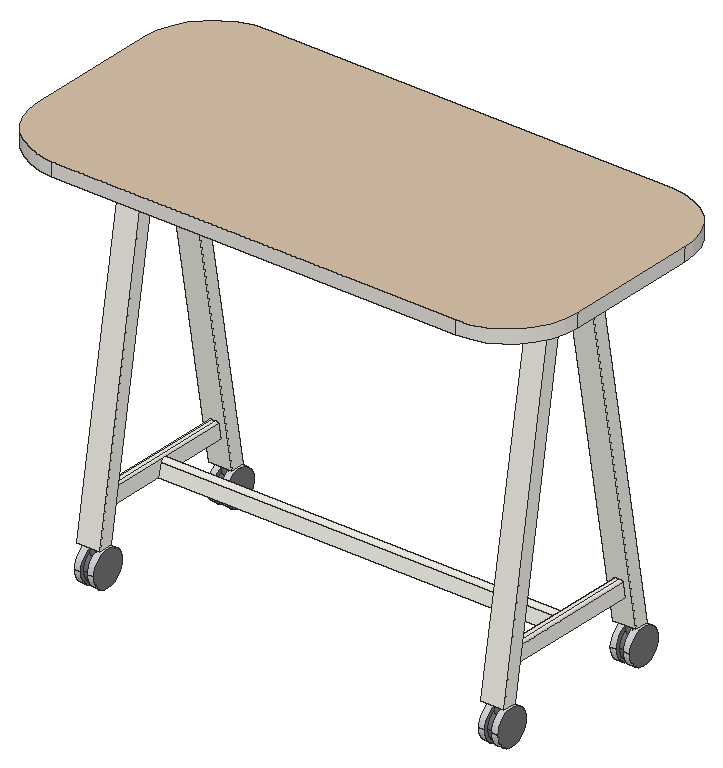
Revit family "Haworth_PopUp_Oval", category Furniture, Revit 2015
Parameters (values of type "36h 24d 48w")
  Warranty = "http://www.haworth.com/resources/product-info/warranties"
  URL - Product = "https://www.haworth.com/products/tables/collaborative/popup"
  Type Comments = ""
  Top Finish [instance] = Haworth _ Wood _ White Oak
  Table Finish [instance] = Haworth _ Wood _ White Oak
  Table Edge Finish [instance] = Haworth _ Laminate _ Linen H-WL
  Sustainability Info = "https://media.haworth.com/asset/112938/PopUp%20Table.pdf"
  Model = "TPRP"  # constant formula
  Leg Finish [instance] = Haworth _ Paint _ Metallic White
  Min/Max Height = "36, 41in."  # constant formula
  Glides = not(Casters)  # no
  Foot Rail Finish [instance] = Haworth _ Paint _ Metallic White
  Description = "Haworth PopUp - Oval Table - 36h 24d 48w - Casters"
  Width = 48"
  URL = "www.haworth.com"
  Table Thickness = 1 3/16"  # constant formula
  Support Offset = 6"  # constant formula
  Size = "Verify Final Dim. w/ Haworth"  # constant formula
  Revision Number = "1"  # constant formula
  Min/Max Width = "48, 54, 60, 66, 72 in."  # constant formula
  Min/Max Depth = "18, 24, 30in."  # constant formula
  Min. Width = 48"  # constant formula
  Max. Width = 72"  # constant formula
  Min. Depth = 18"  # constant formula
  Max. Depth = 30"  # constant formula
  Manufacturer = "Haworth"  # constant formula
  Leg Height = Actual Height - Table Thickness  # 34 13/16"
  Depth = 24"
  Custom Size = not(and(or(Depth = 18", Depth = 24", Depth = 30"), or(Width = 48", Width = 54", Width = 60", Width = 66", Width = 72")))  # no
  Corner Radius = 6"  # constant formula
  Casters = yes
  Caster Finish [instance] = Haworth _ Paint _ Metallic Gunmetal
  Author = "Haworth (Alias)"  # constant formula
  Assembly Code = "E2020200"
  Actual Width = if(Width < Min. Width, Min. Width, if(Width > Max. Width, Max. Width, Width))  # 48"
  Actual Height = if(Table 36h, 36", 41")  # 36"
  Actual Depth = if(Depth > Max. Depth, Max. Depth, if(Depth < Min. Depth, Min. Depth, Depth))  # 24"
  Table 41h = not(Table 36h)  # no
  Table 36h = yes
Reference planes (in)
  plane 1 "Center F/B": y = 3
  plane 2: z = 0
  plane 3 "Center L/R": x = -6
  plane 4 "Table Left": x = -30
  plane 5 "Table Right": x = 18
  plane 6 "Table Leg Left": x = -24
  plane 7 "Table Leg Right": x = 12
  plane 8 "Top": z = 36
  plane 9 "Table Thick": z = 34.8125
  plane 10 "Bottom Stand 3": z = 5.9375
  plane 11 "Top Stand 3": z = 7.4375
  plane 12 "Back": y = 15
  plane 13 "Front": y = -9
Forms (in)
  Extrusion 1, solid, material "Haworth _ Wood _ White Oak" <- "Table Finish"
    sketch origin (0, 0, 36) x (-1, 0, 0) y (0, -1, 0)
      loop
        arc (24, -15) -> (28.24264, -13.24264) -> (30, -9) r 6
        line (30, -9) -> (30, 3)
        arc (30, 3) -> (28.24264, 7.24264) -> (24, 9) r 6
        line (24, 9) -> (-12, 9)
        arc (-12, 9) -> (-16.24264, 7.24264) -> (-18, 3) r 6
        line (-18, 3) -> (-18, -9)
        arc (-18, -9) -> (-16.24264, -13.24264) -> (-12, -15) r 6
        line (-12, -15) -> (24, -15)
    from 0 to -1.1875
  Extrusion 2, solid, material "Haworth _ Paint _ Metallic White" <- "Foot Rail Finish"
    sketch origin (-6, 0, 0) x (0, 1, 0) y (0, 0, 1)
      loop
        line (2.325, 5.9375) -> (3.675, 5.9375) -> (3.38383, 7.02417)
        arc (3.38383, 7.02417) -> (3, 7.31869) -> (2.61617, 7.02417) r 0.39737
        line (2.61617, 7.02417) -> (2.325, 5.9375)
    from -18 to 18
Lines and regions (in)
  Masking region 1
    outline origin (0, 0, 36) x (-1, 0, 0) y (0, -1, 0)
      loop
        arc (24, -15) -> (28.24264, -13.24264) -> (30, -9) r 6
        line (30, -9) -> (30, 3)
        arc (30, 3) -> (28.24264, 7.24264) -> (24, 9) r 6
        line (24, 9) -> (-12, 9)
        arc (-12, 9) -> (-16.24264, 7.24264) -> (-18, 3) r 6
        line (-18, 3) -> (-18, -9)
        arc (-18, -9) -> (-16.24264, -13.24264) -> (-12, -15) r 6
        line (-12, -15) -> (24, -15)
Dimensions and locks (in)
  "Support Offset": plane 4 "Table Left" to plane 6 "Table Leg Left"
  "Support Offset": plane 7 "Table Leg Right" to plane 5 "Table Right"
  "Actual Width": plane 4 "Table Left" to plane 5 "Table Right"
  equal spacing: plane 4 "Table Left", plane 3 "Center L/R", plane 5 "Table Right"
  "Actual Height": plane 8 "Top" to level
  "Table Thickness": plane 8 "Top" to plane 9 "Table Thick"
  equal spacing: plane 13 "Front", plane 1 "Center F/B", plane 12 "Back"
  "Actual Depth": plane 13 "Front" to plane 12 "Back"
  "Corner Radius": radius of Masking region 1 sketch curve  (x4)
  "Corner Radius": radius of Extrusion 1 sketch curve  (x4)
  aligned and locked: Extrusion 1 sketch curve to plane 4 "Table Left"
  aligned and locked: Extrusion 1 sketch curve to plane 5 "Table Right"
  aligned and locked: plane 9 "Table Thick" to Extrusion 1
  aligned and locked: plane 8 "Top" to Extrusion 1
  aligned and locked: plane 7 "Table Leg Right" to Extrusion 2
  aligned and locked: Extrusion 2 to plane 6 "Table Leg Left"
  aligned and locked: Extrusion 1 sketch curve to plane 12 "Back"
  aligned and locked: Extrusion 1 sketch curve to plane 13 "Front"
  aligned and locked: Masking region 1 sketch curve to plane 5 "Table Right"
  aligned and locked: Masking region 1 sketch curve to plane 12 "Back"
  aligned and locked: Masking region 1 sketch curve to plane 4 "Table Left"
  aligned and locked: Masking region 1 sketch curve to plane 13 "Front"
  aligned and locked: plane 1 "Center F/B" to nested 1
  aligned and locked: plane 6 "Table Leg Left" to nested 1
  aligned and locked: plane 7 "Table Leg Right" to nested 2
  aligned and locked: plane 1 "Center F/B" to nested 2
Automatic sketch dimensions
  Extrusion 2 sketch curve to plane 10 "Bottom Stand 3" = 0"
  Extrusion 2 sketch curve to plane 1 "Center F/B" = 0"
  plane 1 "Center F/B" to Extrusion 2 sketch curve = 0.675"
  Extrusion 2 sketch curve to plane 11 "Top Stand 3" = 0.51618"
  plane 1 "Center F/B" to Extrusion 2 sketch curve = 0.38383"
  Extrusion 2 sketch curve to plane 1 "Center F/B" = 0.38383"
  Extrusion 2 sketch curve to Extrusion 2 sketch curve = 0.10285"
  Extrusion 2 sketch curve to plane 1 "Center F/B" = 0.675"
  Masking region 1 sketch curve to Masking region 1 sketch curve = 0"
Nested families (in)
  nested 1: "Haworth_PopUp-Leg_Part" at (-24, 3, 0), type "Leg"
  nested 2: "Haworth_PopUp-Leg_Part" at (12, 3, 0), type "Leg"
Definition of nested family "Haworth_PopUp-Leg_Part"
  Parameters (values of type "Leg")
    Table 41h = no
    Table 36h = yes
    Support Thickness = 5/16"  # constant formula
    Model = "Haworth_PopUp-Leg_Part"  # constant formula
    Manufacturer = "Haworth"  # constant formula
    Leg Height = if(Table 41h, 39 13/16", 34 13/16")  # 34 13/16"
    Leg Finish = none
    Glides = no
    Description = "Haworth PopUp-Leg Part"
    Casters = yes
    Caster Finish = none
    Bottom Leg = if(Casters, 3 7/16", 1")  # 3 7/16"
    Auther = "Haworth (Alias)"  # constant formula
    Assembly Code = ""
  Reference planes (in)
    plane 1 "Center (Front/Back)": y = 0
    plane 2: z = 0
    plane 3 "Center (Left/Right)": x = 0
    plane 4 "Top of Leg": z = 34.8125
    plane 5 "Right": x = 1
    plane 6 "Left": x = -1
    plane 7 "Back Legs": y = 8.5
    plane 8 "Front Legs": y = -8.5
    plane 9 "Front Stand 1": through (0, -8.03063, 3) normal (0, -0.9848, 0.1736)
    plane 10 "Back Stand 1": through (0, -6.86117, 2.79379) normal (0, -0.9848, 0.1736)
    plane 11 "Bottom Stand 3": z = 5.9375
    plane 12 "Top Stand 3": z = 7.4375
    plane 13 "Back Stand 2": through (0, 8.03063, 3) normal (0, -0.9848, -0.1736)
    plane 14 "Front Stand 2": through (0, 6.86117, 2.79379) normal (0, -0.9848, -0.1736)
    plane 15 "Top of Stand": z = 34.5
    plane 16 "Back Support": y = 3.99999
    plane 17 "Right Support": x = 2.75376
    plane 18 "Front Support": y = -4.00001
    plane 19 "Left Support": x = -2.74624
    plane 20 "Caster Height": z = 3.4375
    plane 21 "Back Caster": y = 7.34142
    plane 22 "Front Casters": y = -7.34142
    plane 23: y = -7.84923
    plane 24: y = 7.84923
  Forms (in)
    Extrusion 1, solid, material <- "Leg Finish"
      sketch origin (-1, 0, 0) x (0, -1, 0) y (0, 0, 1)
        loop
          line (7.95348, 3.4375) -> (2.47633, 34.5) -> (1.27051, 34.5) -> (6.74767, 3.4375) -> (7.95348, 3.4375)
      from -2 to 0
    Extrusion 2, solid, material <- "Leg Finish"
      sketch origin (0, 0, 34.5) x (0, -1, 0) y (1, 0, 0)
        loop
          arc (-3.99999, -2.49624) -> (-3.92677, -2.67302) -> (-3.74999, -2.74624) r 0.25
          line (-3.74999, -2.74624) -> (3.75001, -2.74624)
          arc (3.75001, -2.74624) -> (3.92678, -2.67302) -> (4.00001, -2.49624) r 0.25
          line (4.00001, -2.49624) -> (4.00001, 2.50376)
          arc (4.00001, 2.50376) -> (3.92678, 2.68053) -> (3.75001, 2.75376) r 0.25
          line (3.75001, 2.75376) -> (-3.74999, 2.75376)
          arc (-3.74999, 2.75376) -> (-3.92677, 2.68053) -> (-3.99999, 2.50376) r 0.25
          line (-3.99999, 2.50376) -> (-3.99999, -2.49624)
      from 0 to 0.3125
    Extrusion 3, solid, material <- "Leg Finish"
      sketch origin (-1, 0, 0) x (0, 1, 0) y (0, 0, -1)
        loop
          line (7.95348, -3.4375) -> (6.74767, -3.4375) -> (1.27051, -34.5) -> (2.47633, -34.5) -> (7.95348, -3.4375)
      from -2 to 0
    Extrusion 4, solid, visible <- "Glides"
      sketch origin (0, 0, 34.5) x (0, -1, 0) y (1, 0, 0)
        loop
          circle (7.84923, 0) r 0.5
      from -34.5 to -31.0625
    Extrusion 5, solid, visible <- "Glides"
      sketch origin (0, 0, 34.5) x (0, 1, 0) y (-1, 0, 0)
        loop
          circle (7.84923, 0) r 0.5
      from -31.0625 to -34.5
    Extrusion 6, solid, material <- "Leg Finish"
      sketch origin (0, 0, 0) x (1, 0, 0) y (0, 0, 1)
        loop
          line (-0.37124, 5.9375) -> (0.37876, 5.9375) -> (0.37876, 7.23828)
          arc (0.37876, 7.23828) -> (0.32041, 7.37915) -> (0.17954, 7.4375) r 0.19922
          line (0.17954, 7.4375) -> (-0.17124, 7.4375)
          arc (-0.17124, 7.4375) -> (-0.31266, 7.37892) -> (-0.37124, 7.2375) r 0.2
          line (-0.37124, 7.2375) -> (-0.37124, 5.9375)
      from -6.74767 to 6.74767
  Cuts and joins
    joined: Extrusion 1, Extrusion 3, Extrusion 6
  Lines and regions (in)
    symbolic lines, detail levels medium+fine
      curve 1: line (-1, -8.5, 34.5) -> (1, -8.5, 34.5)
      curve 2: line (1, -8.5, 34.5) -> (1, 8.5, 34.5)
      curve 3: line (1, 8.5, 34.5) -> (-1, 8.5, 34.5)
      curve 4: line (-1, 8.5, 34.5) -> (-1, -8.5, 34.5)
  Dimensions and locks (in)
    "Leg Height": plane 4 "Top of Leg" to level
    "Support Thickness": plane 4 "Top of Leg" to plane 15 "Top of Stand"
    "Bottom Leg": plane 20 "Caster Height" to plane 2
    aligned and locked: Extrusion 1 sketch curve to plane 10 "Back Stand 1"
    aligned and locked: plane 9 "Front Stand 1" to Extrusion 1 sketch curve
    aligned and locked: plane 15 "Top of Stand" to Extrusion 1 sketch curve
    aligned and locked: plane 5 "Right" to Extrusion 1
    aligned and locked: plane 6 "Left" to Extrusion 1
    aligned and locked: Extrusion 2 to plane 15 "Top of Stand"
    aligned and locked: plane 4 "Top of Leg" to Extrusion 2
    aligned and locked: Extrusion 3 sketch curve to plane 13 "Back Stand 2"
    aligned and locked: plane 14 "Front Stand 2" to Extrusion 3 sketch curve
    aligned and locked: Extrusion 3 sketch curve to plane 15 "Top of Stand"
    aligned and locked: plane 5 "Right" to Extrusion 3
    aligned and locked: plane 6 "Left" to Extrusion 3
    aligned and locked: Extrusion 2 sketch curve to plane 17 "Right Support"
    aligned and locked: Extrusion 2 sketch curve to plane 18 "Front Support"
    aligned and locked: Extrusion 2 sketch curve to plane 19 "Left Support"
    aligned and locked: Extrusion 2 sketch curve to plane 16 "Back Support"
    aligned and locked: Extrusion 1 sketch curve to plane 20 "Caster Height"
    aligned and locked: plane 20 "Caster Height" to Extrusion 3 sketch curve
    aligned and locked: plane 3 "Center (Left/Right)" to Extrusion 4 sketch curve
    aligned and locked: Extrusion 4 to level
    aligned and locked: plane 20 "Caster Height" to Extrusion 4
    aligned and locked: nested 1 to plane 22 "Front Casters"
    aligned and locked: plane 21 "Back Caster" to nested 2
    aligned and locked: nested 2 to plane 3 "Center (Left/Right)"
    aligned and locked: nested 1 to plane 3 "Center (Left/Right)"
    aligned and locked: level to Extrusion 5
    aligned and locked: Extrusion 5 to Extrusion 1
    aligned and locked: plane 24 to Extrusion 5 sketch curve
    aligned and locked: plane 23 to Extrusion 4 sketch curve
    aligned and locked: Extrusion 6 sketch curve to plane 11 "Bottom Stand 3"
    aligned and locked: Extrusion 6 sketch curve to plane 12 "Top Stand 3"
    aligned and locked: plane 8 "Front Legs" to curve 1
    aligned and locked: plane 5 "Right" to curve 2
    aligned and locked: plane 6 "Left" to curve 4
    aligned and locked: curve 3 to plane 7 "Back Legs"
  Automatic sketch dimensions
    Extrusion 2 sketch curve to plane 16 "Back Support" = 1/4"  (x2)
    Extrusion 2 sketch curve to plane 18 "Front Support" = 1/4"  (x2)
    Extrusion 5 sketch curve to plane 3 "Center (Left/Right)" = 0"
    Extrusion 6 sketch curve to plane 3 "Center (Left/Right)" = 0.17124"
    plane 3 "Center (Left/Right)" to Extrusion 6 sketch curve = 0.17954"
    Extrusion 6 sketch curve to plane 12 "Top Stand 3" = 51/256"
    Extrusion 6 sketch curve to plane 12 "Top Stand 3" = 0.2"
    radius of Extrusion 4 sketch curve = 1/2"
    radius of Extrusion 5 sketch curve = 1/2"
  Nested families (in)
    nested 1: "Haworth_3in Caster_Part" at (0, -7.34142, 0) x (-1, 0, 0) z (0, 0, 1), visible <- "Casters", type "Haworth_3in Caster_Part"
    nested 2: "Haworth_3in Caster_Part" at (0, 7.34142, 0) x (-1, 0, 0) z (0, 0, 1), visible <- "Casters", type "Haworth_3in Caster_Part"
  Definition of nested family "Haworth_3in Caster_Part"
    Parameters (values of type "Haworth_3in Caster_Part")
      Caster Finish = none
      Cart Leg Finish = none
      Assembly Code = ""
    Reference planes (in)
      plane 1 "Center (Front/Back)": y = 0
      plane 2: z = 0
      plane 3 "Center (Left/Right)": x = 0
    Forms (in)
      Extrusion 1, solid
        sketch origin (0, 0, -0.02118) x (0, 1, 0) y (0, 0, 1)
          loop
            circle (-0.48695, 1.58368) r 1.5625
        from 0.875 to 0.3125
      Extrusion 2, solid
        sketch origin (0, 0, -0.02118) x (0, 1, 0) y (0, 0, 1)
          loop
            circle (-0.48695, 1.58368) r 1.5625
        from -0.875 to -0.3125
      Extrusion 3, solid, material <- "Cart Leg Finish"
        sketch origin (0, 0, 0) x (0, 1, 0) y (0, 0, 1)
          loop
            circle (-0.48695, 1.5625) r 1.3125
        from -0.3125 to 0.3125
      Extrusion 4, solid, material <- "Cart Leg Finish"
        sketch origin (0, 0, 0) x (1, 0, 0) y (0, 1, 0)
          loop
            circle (0, 0) r 0.25
        from 2.4375 to 3.4375
    Cuts and joins
      joined: Extrusion 3, Extrusion 4
    Dimensions and locks (in)
      plane 3 "Center (Left/Right)" to Extrusion 2 = 5/16"
      Extrusion 1 to plane 3 "Center (Left/Right)" = 7/8"
